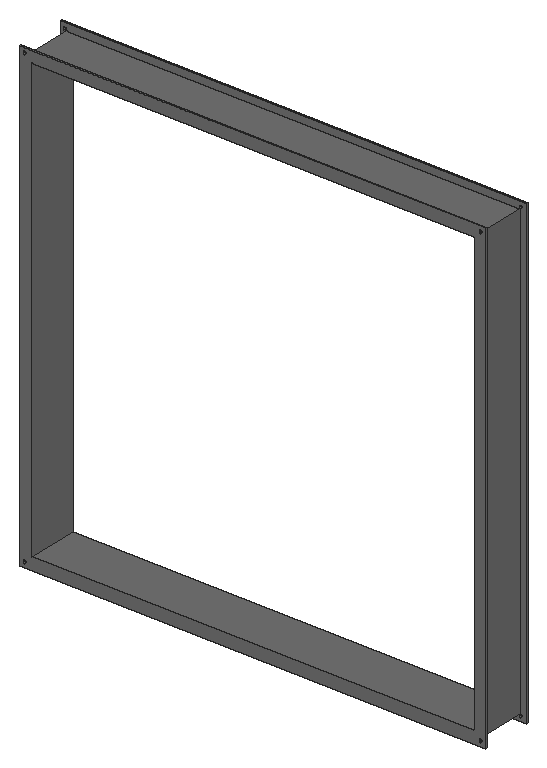
Revit family "19.Гибкая вставка ANR B1", category Оборудование, Revit 2016 (continued)
Definition of nested family "УГО гибкая вставка №45 (разрез)"
  Automatic sketch dimensions
    curve 265 to curve 264 = 25 mm
    curve 266 to curve 263 = 25 mm
    curve 263 to curve 268 = 75 mm
    curve 264 to curve 267 = 75 mm
    curve 267 to curve 266 = 25 mm
    curve 268 to curve 265 = 25 mm
    curve 266 to curve 268 = 91 mm
    curve 265 to curve 267 = 91 mm
Types (8, lengths in mm): name | №8 | №7 | №6 | №35 | №30 | №25 | №20 | №12 | Ширина | Середина | Р | Высота | Б1 | А1 | А | Б | Тип, марка, обозначение | Материал
  ANR 6 B1 | no | no | yes | no | no | no | no | no | 971.513 | 511 | 25.243 | 971.513 | 992 | 992 | 1022 | 1022 | "ANR 6 B1" | резина
  ANR 7 B1 | no | yes | no | no | no | no | no | no | 960.645 | 621 | 30.677 | 1180.645 | 1212 | 992 | 1022 | 1242 | "ANR 7 B1" | Сталь серая
  ANR 8 B1 | yes | no | no | no | no | no | no | no | 1180.645 | 621 | 30.677 | 1180.645 | 1212 | 1210 | 1242 | 1242 | "ANR 8 B1" | Сталь серая
  ANR 12 B1 | no | no | no | no | no | no | no | yes | 1289.964 | 678.5 | 33.518 | 1289.964 | 1328 | 1328 | 1357 | 1357 | "ANR 12 B1" | Сталь серая
  ANR 20 B1 | no | no | no | no | no | no | yes | no | 1503.849 | 791 | 39.075 | 1503.849 | 1552 | 1552 | 1582 | 1582 | "ANR 20 B1" | Сталь серая
  ANR 25 B1 | no | no | no | no | no | yes | no | no | 1870.781 | 984 | 48.61 | 1870.781 | 1938 | 1938 | 1968 | 1968 | "ANR 25 B1" | Сталь серая
  ANR 30 B1 | no | no | no | no | yes | no | no | no | 2310.781 | 984 | 48.61 | 1870.781 | 1938 | 2381 | 2408 | 1968 | "ANR 30 B1" | Сталь серая
  ANR 35 B1 | no | no | no | yes | no | no | no | no | 2289.045 | 1204 | 59.478 | 2289.045 | 2381 | 2381 | 2408 | 2408 | "ANR 35 B1" | Сталь серая
